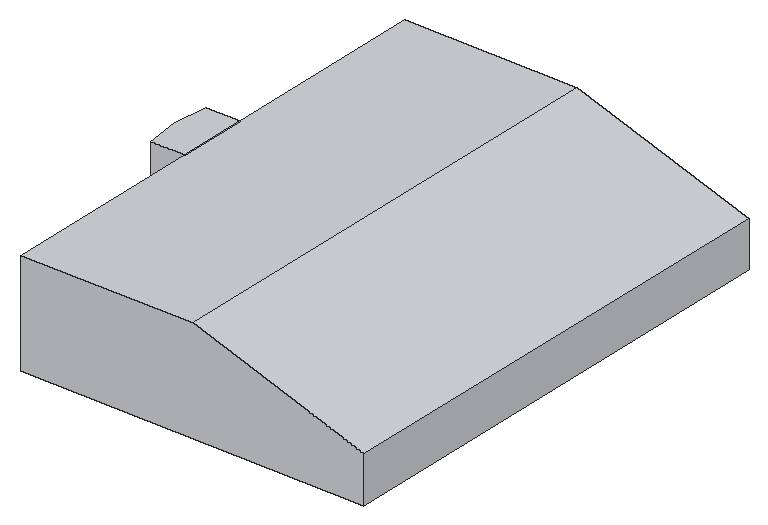
Revit family "210_77f911a0648642ac96cdef31b31e94", category Mechanical Equipment, Revit 2015
Parameters (values of type "IV Smart AC")
  magi_piping_qv [instance] = 0.0 L/s
  magi_ducting_qv [instance] = 0.0 L/s
  magi_cooling_qv [instance] = 0.0 L/s
  magiProductId = "329cb2a1b5924f048e777494655bb3"
  magiProductFamilyId = "77f911a0648642ac96cdef31b31e94"
  magiProductCode = "IV Smart AC"
  magiPartTypeId = 210
  W2 = 250.5 mm
  W = 500 mm
  VersionID = "2.0/2016.10.37.0/SYSTEMAIR_IV_SMART_EC_Q13_001"
  QmdConnectorList = "201;D"
  Productdata [instance] = "© Progman Oy, all rights reserved"
  PValue [instance] = 100.0 Pa
  N = 67 mm
  Manufacturer = "Systemair"
  MC_Default_elevation = 0 mm
  L2 = 350 mm
  L = 700 mm
  H = 150 mm
  Description = "Centrifugal Jet fans"
  D = 100 mm
  A = 169 mm
Types (2, lengths in mm): name | magiProductId | magiProductCode
  IV Smart AC | "329cb2a1b5924f048e777494655bb3" | "IV Smart AC"
  IV Smart EC | "797f7bd22a834d268ae501a220bda0" | "IV Smart EC"
Reference planes
  plane 1 "Center (Front/Back)": y = 0
  plane 2 "XYPLANE": z = 0
  plane 3 "Center (Left/Right)": x = 0
  plane 4 "INIT_TEMP": y = 100
  plane 5 "56": y = -177
  plane 6 "55": x = -81.5
  plane 7 "54": y = -50
  plane 8 "53": y = 50
  plane 9 "52": x = 0.5
  plane 10 "51": x = -300.5
  plane 11 "50": x = 250.5
  plane 12 "49": x = -250.5
  plane 13 "48": y = -350
  plane 14 "47": z = -83
  plane 15 "46": z = -150
  plane 16 "45": z = 0
Forms (mm)
  Extrusion 1, solid
    sketch origin (-750, 0, 0) x (1, 0, 0) y (0, 1, 0)
      loop
        arc (449.5, 50) -> (444.5, 0) -> (449.5, -50) r 252.5
        line (449.5, -50) -> (499.5, -50) -> (499.5, 50) -> (449.5, 50)
    from 0 to -50
  Extrusion 2, solid
    sketch origin (750, -350, 0) x (-1, 0, 0) y (0, 0, 1)
      loop
        line (1000.5, 0) -> (749.5, 0) -> (499.5, -83) -> (499.5, -150) -> (1000.5, -150) -> (1000.5, 0)
    from 0 to 700 <- "L"
  Extrusion 3, solid, not visible
    sketch origin (-750, 0, -150) x (1, 0, 0) y (0, 1, 0)
      loop
        circle (668.5, -177) r 10
    from 0 to 10
Lines and regions (mm)
  reference lines
    curve 1: line (-300.5, -50, 0) -> (-300.5, 50, 0)
Text (mm)
  text "© Progman Oy, all rights reserved" at (-472.209, -2482.653, 0), in view "Ref. Level"
Dimensions and locks
  plane 4 "INIT_TEMP" to plane 1 "Center (Front/Back)" = 100 mm
  locked: plane 13 "48" to plane 5 "56" at 173
  "A": plane 12 "49" to plane 6 "55"
  locked: plane 1 "Center (Front/Back)" to plane 7 "54" at 50
  locked: plane 1 "Center (Front/Back)" to plane 8 "53" at 50
  locked: plane 11 "50" to plane 9 "52" at 250
  locked: plane 12 "49" to plane 10 "51" at 50
  "W2": plane 3 "Center (Left/Right)" to plane 11 "50"
  "W2": plane 3 "Center (Left/Right)" to plane 12 "49"
  "L2": plane 1 "Center (Front/Back)" to plane 13 "48"
  "N": plane 15 "46" to plane 14 "47"
  "H": plane 2 "XYPLANE" to plane 15 "46"
  locked: plane 2 "XYPLANE" to plane 16 "45"
  aligned and locked: level to plane 2 "XYPLANE"
  aligned and locked: Extrusion 1 sketch curve to plane 8 "53"
  aligned and locked: plane 10 "51" to Extrusion 1 sketch curve  (x2)
  aligned and locked: Extrusion 1 sketch curve to plane 12 "49"
  aligned and locked: plane 8 "53" to Extrusion 1 sketch curve
  aligned and locked: plane 7 "54" to Extrusion 1 sketch curve
  aligned and locked: plane 12 "49" to Extrusion 1 sketch curve
  aligned and locked: plane 10 "51" to curve 1
  aligned and locked: plane 7 "54" to curve 1
  aligned and locked: plane 8 "53" to curve 1
  aligned and locked: plane 12 "49" to Extrusion 2 sketch curve  (x2)
  aligned and locked: plane 16 "45" to Extrusion 2 sketch curve
  aligned and locked: plane 15 "46" to Extrusion 2 sketch curve  (x2)
  aligned and locked: plane 11 "50" to Extrusion 2 sketch curve  (x2)
  aligned and locked: plane 14 "47" to Extrusion 2 sketch curve
  aligned and locked: Extrusion 2 sketch curve to plane 16 "45"
  aligned and locked: plane 9 "52" to Extrusion 2 sketch curve
  aligned and locked: plane 5 "56" to Extrusion 3 sketch curve
  aligned and locked: plane 6 "55" to Extrusion 3 sketch curve
Automatic sketch dimensions
  plane 6 "55" to Extrusion 1 sketch curve = 28.5 mm
  Extrusion 3 sketch curve to plane 5 "56" = 10 mm
Connectors
  hvac at (-81.5, -177, -150), driven by "magi_ducting_qv", driven by "D"
    settings: on Extrusion 3, index 1, duct flow 0.0 L/s, flow factor 0, pres drop 0.0 Pa, loss coef 0, conn angle 0.00°, conn width 304.8 mm, conn height 304.8 mm, conn diameter 100 mm, duct sys type 2, conn prof type 0, flow config 0, flow direction 1, loss method 0, conn ref index -1, conn util no, is conn primary yes, conn desc ""
